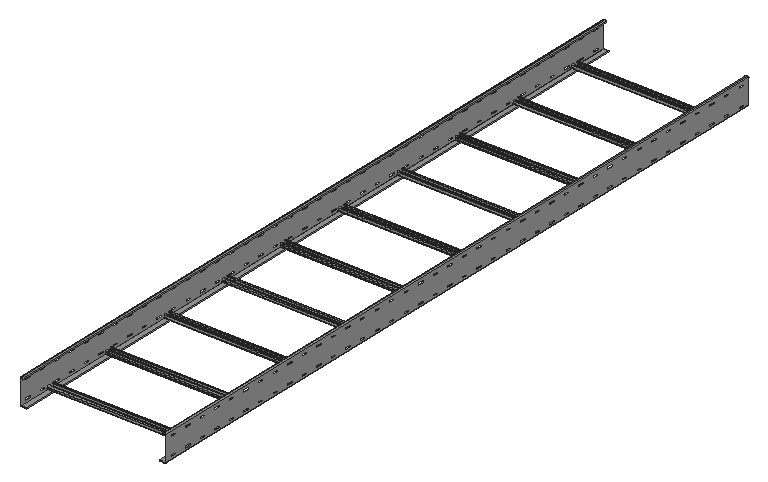
Revit family "Kabelleiter LG 116 VS 3 FT", category Generic Models, Revit 2017 (continued)
Dimensions and locks
  aligned and locked: cut or joined group 1 (Extrusion 1, Extrusion 12, Extrusion 13, Extrusion 14, Extrusion 15, Extrusion 16, Extrusion 17, Extrusion 18, Extrusion 19, Extrusion 20, Extrusion 21, Extrusion 22, Extrusion 23, Extrusion 24, Extrusion 25, Extrusion 26, Extrusion 27, Extrusion 28, Extrusion 29, Extrusion 30, Extrusion 31, Extrusion 32, Extrusion 33, Extrusion 34, Extrusion 35, Extrusion 36, Extrusion 37, Extrusion 38, Extrusion 39, Extrusion 40, Extrusion 41, Extrusion 42, Extrusion 43, Extrusion 44, Extrusion 45, Extrusion 46, Extrusion 47, Extrusion 48, Extrusion 49, Extrusion 50, Extrusion 51, Extrusion 52, Extrusion 53, Extrusion 54, Extrusion 55, Extrusion 56, Extrusion 57, Extrusion 58, Extrusion 59, Extrusion 60, Extrusion 61, Extrusion 62, Extrusion 63, Extrusion 64, Extrusion 65, Extrusion 66, Extrusion 67, Extrusion 68, Extrusion 69, Extrusion 70, Extrusion 71, Extrusion 72, Extrusion 73, Extrusion 74, Extrusion 75, Extrusion 76, Extrusion 77, Extrusion 78, Extrusion 79, Extrusion 80, Extrusion 81, Extrusion 82, Extrusion 83, Extrusion 84, Extrusion 85, Extrusion 86, Extrusion 87, Extrusion 88, Extrusion 89, Extrusion 90, Extrusion 91, Extrusion 92, Extrusion 93, Extrusion 94, Extrusion 95, Extrusion 96, Extrusion 97, Extrusion 98, Extrusion 99, Extrusion 100, Extrusion 101, Extrusion 102, Extrusion 103, Extrusion 104, Extrusion 105, Extrusion 106, Extrusion 107, Extrusion 108, Extrusion 109, Extrusion 110, Extrusion 111, Extrusion 112, Extrusion 113, Extrusion 114, Extrusion 115, Extrusion 116, Extrusion 117, Extrusion 118, Extrusion 119, Extrusion 120, Extrusion 121, Extrusion 122, Extrusion 123, Extrusion 124, Extrusion 125, Extrusion 126, Extrusion 127, Extrusion 128, Extrusion 129, Extrusion 130, Extrusion 131, Extrusion 132, Extrusion 133, Extrusion 134, Extrusion 135, Extrusion 136, Extrusion 137, Extrusion 138, Extrusion 139, Extrusion 140, Extrusion 141, Extrusion 142, Extrusion 143, Extrusion 144, Extrusion 145, Extrusion 146, Extrusion 147, Extrusion 148, Extrusion 149, Extrusion 150, Extrusion 151, Extrusion 152, Extrusion 153, Extrusion 154, Extrusion 155, Extrusion 156, Extrusion 157, Extrusion 158, Extrusion 159, Extrusion 160, Extrusion 161, Extrusion 162, Extrusion 163, Extrusion 164, Extrusion 165, Extrusion 166, Extrusion 167, Extrusion 168, Extrusion 169, Extrusion 170, Extrusion 171) to Extrusion 185
  aligned and locked: cut or joined group 1 to Extrusion 186
  aligned and locked: Extrusion 9 to Extrusion 188
  aligned and locked: Extrusion 10 to Extrusion 189
  aligned and locked: Extrusion 11 to Extrusion 190
  aligned and locked: Extrusion 2 to Extrusion 172
  aligned and locked: Extrusion 2 to Extrusion 173
  aligned and locked: Extrusion 2 to Extrusion 174
  aligned and locked: Extrusion 2 to Extrusion 175
  aligned and locked: Extrusion 174 to Extrusion 176
  aligned and locked: Extrusion 174 to Extrusion 177
  aligned and locked: Extrusion 174 to Extrusion 178
  aligned and locked: Extrusion 178 to Extrusion 179
  aligned and locked: Extrusion 178 to Extrusion 180
  aligned and locked: Extrusion 177 to Extrusion 181
  aligned and locked: Extrusion 182 to cut or joined group 1
  aligned and locked: Extrusion 191 to Extrusion 3
  aligned and locked: Extrusion 183 to Extrusion 4
  aligned and locked: Extrusion 187 to Extrusion 8
  aligned and locked: Extrusion 188 to Extrusion 9
  aligned and locked: Extrusion 189 to Extrusion 10
  aligned and locked: Extrusion 190 to Extrusion 11
Automatic sketch dimensions
  Extrusion 1 sketch curve to Extrusion 1 sketch curve = 0 mm  (x3)
  Extrusion 1 sketch curve to plane 3 "Center (Left/Right)" = 0 mm
  Extrusion 1 sketch curve to plane 6 = 0 mm
  Extrusion 1 sketch curve to level = 0 mm
  plane 4 to Extrusion 1 sketch curve = 300 mm
  Extrusion 1 sketch curve to Extrusion 1 sketch curve = 1 mm  (x2)
  Extrusion 2 sketch curve to Extrusion 2 sketch curve = 0 mm  (x10)
  Extrusion 2 sketch curve to plane 11 = 0 mm  (x2)
  Extrusion 2 sketch curve to Extrusion 2 sketch curve = 3.496 mm  (x2)
  Extrusion 2 sketch curve to Extrusion 2 sketch curve = 1.5 mm  (x2)
  Extrusion 3 sketch curve to Extrusion 3 sketch curve = 0 mm  (x10)
  Extrusion 3 sketch curve to plane 14 = 0 mm  (x2)
  Extrusion 3 sketch curve to Extrusion 3 sketch curve = 3.496 mm  (x2)
  Extrusion 3 sketch curve to Extrusion 3 sketch curve = 1.5 mm  (x2)
  Extrusion 4 sketch curve to Extrusion 4 sketch curve = 0 mm  (x10)
  Extrusion 4 sketch curve to plane 15 = 0 mm  (x2)
  Extrusion 4 sketch curve to Extrusion 4 sketch curve = 3.496 mm  (x2)
  Extrusion 4 sketch curve to Extrusion 4 sketch curve = 1.5 mm  (x2)
  Extrusion 5 sketch curve to Extrusion 5 sketch curve = 0 mm  (x10)
  Extrusion 5 sketch curve to plane 16 = 0 mm  (x2)
  Extrusion 5 sketch curve to Extrusion 5 sketch curve = 3.496 mm  (x2)
  Extrusion 5 sketch curve to Extrusion 5 sketch curve = 1.5 mm  (x2)
  Extrusion 6 sketch curve to Extrusion 6 sketch curve = 0 mm  (x10)
  Extrusion 6 sketch curve to plane 17 = 0 mm  (x2)
  Extrusion 6 sketch curve to Extrusion 6 sketch curve = 3.496 mm  (x2)
  Extrusion 6 sketch curve to Extrusion 6 sketch curve = 1.5 mm  (x2)
  Extrusion 7 sketch curve to Extrusion 7 sketch curve = 0 mm  (x10)
  Extrusion 7 sketch curve to plane 18 = 0 mm  (x2)
  Extrusion 7 sketch curve to Extrusion 7 sketch curve = 3.496 mm  (x2)
  Extrusion 7 sketch curve to Extrusion 7 sketch curve = 1.5 mm  (x2)
  Extrusion 8 sketch curve to Extrusion 8 sketch curve = 0 mm  (x10)
  Extrusion 8 sketch curve to plane 19 = 0 mm  (x2)
  Extrusion 8 sketch curve to Extrusion 8 sketch curve = 3.496 mm  (x2)
  Extrusion 8 sketch curve to Extrusion 8 sketch curve = 1.5 mm  (x2)
  Extrusion 9 sketch curve to Extrusion 9 sketch curve = 0 mm  (x10)
  Extrusion 9 sketch curve to plane 20 = 0 mm  (x2)
  Extrusion 9 sketch curve to Extrusion 9 sketch curve = 3.496 mm  (x2)
  Extrusion 9 sketch curve to Extrusion 9 sketch curve = 1.5 mm  (x2)
  Extrusion 10 sketch curve to Extrusion 10 sketch curve = 0 mm  (x10)
  Extrusion 10 sketch curve to plane 21 = 0 mm  (x2)
  Extrusion 10 sketch curve to Extrusion 10 sketch curve = 3.496 mm  (x2)
  Extrusion 10 sketch curve to Extrusion 10 sketch curve = 1.5 mm  (x2)
  Extrusion 11 sketch curve to Extrusion 11 sketch curve = 0.009 mm  (x4)
  Extrusion 11 sketch curve to Extrusion 11 sketch curve = 0 mm  (x5)
  Extrusion 11 sketch curve to plane 22 = 0 mm  (x2)
  Extrusion 11 sketch curve to Extrusion 11 sketch curve = 3.496 mm
  Extrusion 11 sketch curve to Extrusion 11 sketch curve = 3.499 mm
  Extrusion 11 sketch curve to Extrusion 11 sketch curve = 1.497 mm  (x2)
  Extrusion 11 sketch curve to Extrusion 11 sketch curve = 0.003 mm
  level to Extrusion 2 sketch curve = 1.5 mm
  level to Extrusion 3 sketch curve = 1.5 mm
  level to Extrusion 4 sketch curve = 1.5 mm
  level to Extrusion 5 sketch curve = 1.5 mm
  level to Extrusion 6 sketch curve = 1.5 mm
  level to Extrusion 7 sketch curve = 1.5 mm
  level to Extrusion 8 sketch curve = 1.5 mm
  level to Extrusion 9 sketch curve = 1.5 mm
  level to Extrusion 10 sketch curve = 1.5 mm
  level to Extrusion 11 sketch curve = 1.5 mm
